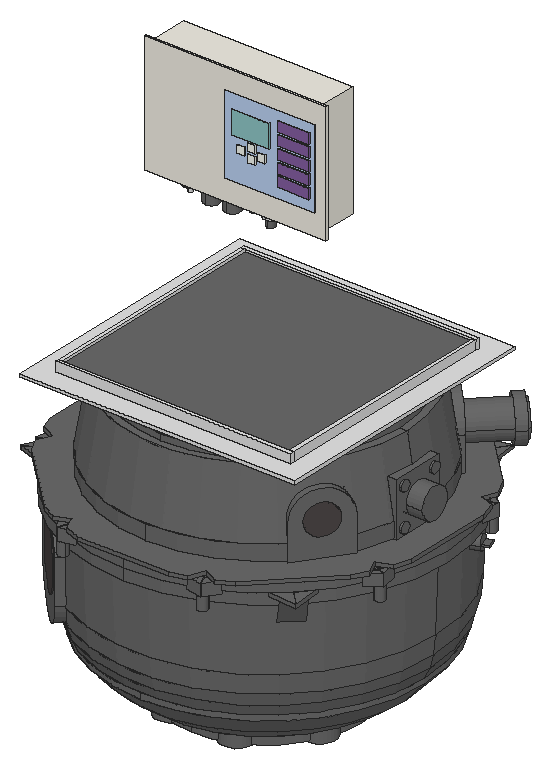
Revit family "280530sc (200)", category Generic Models, Revit 2021 (continued)
Definition of nested family "280530sc (200)_part2_X0Y0"
  Definition of nested family "280530sc (200)_part2_content"
    Forms (mm)
      Extrusion 15, solid, detail levels medium+fine
        sketch origin (0, 0, 451) x (0, 1, 0) y (-1, 0, 0)
          loop
            circle (0, 0) r 214.5
        from 0 to 10
      Extrusion 16, solid, detail levels medium+fine
        sketch origin (-190, -190, 461) x (0, 1, 0) y (0, 0, 1)
          loop
            line (0, 7.5) -> (0, 0) -> (380, 0) -> (380, 7.5) -> (0, 7.5)
        from 0 to 380
      Extrusion 17, solid, detail levels medium+fine
        sketch origin (0, 0, 461) x (0, 1, 0) y (-1, 0, 0)
          loop
            circle (0, 0) r 208.5
        from 0 to 7.5
      Extrusion 18, solid, detail levels medium+fine
        sketch origin (-222, -222, 468.5) x (0, 1, 0) y (0, 0, 1)
          loop
            line (0, 5) -> (0, 0) -> (444, 0) -> (444, 5) -> (0, 5)
        from 0 to 444
      Extrusion 19, solid, detail levels medium+fine
        sketch origin (-184, -184, 473.5) x (0, 1, 0) y (0, 0, 1)
          loop
            line (0, 12) -> (0, 0) -> (368, 0) -> (368, 12) -> (0, 12)
        from 0 to 368
      Extrusion 20, solid, detail levels medium+fine
        sketch origin (0, 60, 320) x (0, -1, 0) y (0, 0, 1)
          loop
            line (0, 50) -> (0, 0) -> (120, 0) -> (120, 50) -> (0, 50)
        from 0 to 245.5
      Extrusion 21, solid, detail levels medium+fine
        sketch origin (0, 0, 370) x (0, -1, 0) y (0, 0, 1)
          loop
            circle (0, 0) r 60
        from 0 to 245.5
      Extrusion 22, solid, detail levels medium+fine
        sketch origin (-244, 0, 370) x (0, -1, 0) y (0, 0, 1)
          loop
            circle (0, 0) r 35.1
        from 0 to 1.75
      Extrusion 23, solid, detail levels medium+fine
        sketch origin (31.82, -31.82, 320) x (-0.707107, 0.707107, 0) y (0, 0, 1)
          loop
            line (0, 55.25) -> (0, 0) -> (90, 0) -> (90, 55.25) -> (0, 55.25)
        from 0 to 245.5
      Extrusion 24, solid, detail levels medium+fine
        sketch origin (0, 0, 375.25) x (-0.707107, 0.707107, 0) y (0, 0, 1)
          loop
            circle (0, 0) r 45
        from 0 to 245.5
      Extrusion 25, solid, detail levels medium+fine
        sketch origin (0, 0, 370) x (-0.707107, 0.707107, 0) y (0, 0, 1)
          loop
            circle (0, 0) r 27.7
        from 0 to 311.36
      Extrusion 26, solid, detail levels medium+fine
        sketch origin (0, 27.5, 332.75) x (0, 1, 0) y (0, 0, 1)
          loop
            circle (0, 0) r 8
        from 0 to 250
      Extrusion 27, solid, detail levels medium+fine
        sketch origin (0, -46.25, 320) x (0, 1, 0) y (0, 0, 1)
          loop
            line (0, 86.5) -> (0, 0) -> (86.5, 0) -> (86.5, 86.5) -> (0, 86.5)
        from 0 to 245.5
      Extrusion 28, solid, detail levels medium+fine
        sketch origin (0, -3, 363.25) x (0, 1, 0) y (0, 0, 1)
          loop
            circle (0, 0) r 24.75
        from 0 to 272.5
      Extrusion 29, solid, detail levels medium+fine
        sketch origin (0, 27.5, 393.75) x (0, 1, 0) y (0, 0, 1)
          loop
            circle (0, 0) r 8
        from 0 to 250
      Extrusion 30, solid, detail levels medium+fine
        sketch origin (0, -33.5, 332.75) x (0, 1, 0) y (0, 0, 1)
          loop
            circle (0, 0) r 8
        from 0 to 250
      Extrusion 31, solid, detail levels medium+fine
        sketch origin (0, -33.5, 393.75) x (0, 1, 0) y (0, 0, 1)
          loop
            circle (0, 0) r 8
        from 0 to 250
      Extrusion 32, solid, detail levels medium+fine
        sketch origin (-25.811, -36.862, 320) x (0.573577, 0.819152, 0) y (0, 0, 1)
          loop
            line (0, 55.25) -> (0, 0) -> (90, 0) -> (90, 55.25)
            arc (90, 55.25) -> (45, 100.25) -> (0, 55.25) r 45
        from 0 to 245.5
      Extrusion 33, solid, detail levels medium+fine
        sketch origin (199.873, -139.953, 375.25) x (0.573577, 0.819152, 0) y (0, 0, 1)
          loop
            circle (0, 0) r 25
        from 0 to 1.75
      Extrusion 34, solid, detail levels medium+fine
        sketch origin (-53.002, 127.957, 0) x (-0.92388, -0.382683, 0) y (0.382683, -0.92388, 0)
          loop
            circle (0, 0) r 25
        from 0 to 28.5
      Extrusion 35, solid, detail levels medium+fine
        sketch origin (-127.957, -53.002, 0) x (0.382683, -0.92388, 0) y (0.92388, 0.382683, 0)
          loop
            circle (0, 0) r 25
        from 0 to 28.5
      Extrusion 36, solid, detail levels medium+fine
        sketch origin (53.002, -127.957, 0) x (0.92388, 0.382683, 0) y (-0.382683, 0.92388, 0)
          loop
            circle (0, 0) r 25
        from 0 to 28.5
      Extrusion 37, solid, detail levels medium+fine
        sketch origin (53.002, 127.957, 0) x (-0.923879, 0.382684, 0) y (-0.382684, -0.923879, 0)
          loop
            circle (0, 0) r 25
        from 0 to 28.5
      Extrusion 38, solid, detail levels medium+fine
        sketch origin (-127.957, 53.002, 0) x (-0.382684, -0.923879, 0) y (0.923879, -0.382684, 0)
          loop
            circle (0, 0) r 25
        from 0 to 28.5
      Extrusion 39, solid, detail levels medium+fine
        sketch origin (-53.002, -127.957, 0) x (0.923879, -0.382684, 0) y (0.382684, 0.923879, 0)
          loop
            circle (0, 0) r 25
        from 0 to 28.5
      Extrusion 40, solid, detail levels medium+fine
        sketch origin (127.957, -53.002, 0) x (0.382684, 0.923879, 0) y (-0.923879, 0.382684, 0)
          loop
            circle (0, 0) r 25
        from 0 to 28.5
      Extrusion 41, solid, detail levels medium+fine
        sketch origin (127.957, 53.002, 0) x (-0.382683, 0.92388, 0) y (-0.92388, -0.382683, 0)
          loop
            circle (0, 0) r 25
        from 0 to 28.5
      Extrusion 42, solid, detail levels medium+fine
        sketch origin (0, 0, 209) x (0, -1, 0) y (0, 0, 1)
          loop
            line (-72.693, 35.337) -> (-68.918, -37.767)
            arc (-68.918, -37.767) -> (-63.198, -56.139) -> (-50.593, -70.678) r 46.983
            line (-50.593, -70.678) -> (-49.193, -71.697)
            arc (-49.193, -71.697) -> (-25.794, -83.147) -> (0, -86.788) r 83.079
            arc (0, -86.788) -> (25.794, -83.147) -> (49.193, -71.697) r 83.079
            line (49.193, -71.697) -> (50.593, -70.678)
            arc (50.593, -70.678) -> (63.198, -56.139) -> (68.918, -37.767) r 46.983
            line (68.918, -37.767) -> (72.693, 35.337)
            arc (72.693, 35.337) -> (71.616, 38.805) -> (69.783, 41.939) r 15.989
            arc (69.783, 41.939) -> (60.032, 51.336) -> (48.652, 58.679) r 69.984
            line (48.652, 58.679) -> (47.252, 59.417)
            arc (47.252, 59.417) -> (24.369, 68.322) -> (0, 71.344) r 99.373
            arc (0, 71.344) -> (-24.369, 68.322) -> (-47.252, 59.417) r 99.373
            line (-47.252, 59.417) -> (-48.652, 58.679)
            arc (-48.652, 58.679) -> (-60.032, 51.336) -> (-69.783, 41.939) r 69.984
            arc (-69.783, 41.939) -> (-71.616, 38.805) -> (-72.693, 35.337) r 15.989
        from 0 to 277.5
      Extrusion 43, solid, detail levels medium+fine
        sketch origin (0, 0, 209) x (0, -1, 0) y (0, 0, 1)
          loop
            circle (0, 0) r 55
        from 0 to 326
      Extrusion 44, solid, detail levels medium+fine
        sketch origin (0, 0, 209) x (0.707107, -0.707107, 0) y (0, 0, 1)
          loop
            line (-72.693, 35.337) -> (-68.918, -37.767)
            arc (-68.918, -37.767) -> (-63.198, -56.139) -> (-50.593, -70.678) r 46.983
            line (-50.593, -70.678) -> (-49.193, -71.697)
            arc (-49.193, -71.697) -> (-25.794, -83.147) -> (0, -86.788) r 83.079
            arc (0, -86.788) -> (25.794, -83.147) -> (49.193, -71.697) r 83.079
            line (49.193, -71.697) -> (50.593, -70.678)
            arc (50.593, -70.678) -> (63.198, -56.139) -> (68.918, -37.767) r 46.983
            line (68.918, -37.767) -> (72.693, 35.337)
            arc (72.693, 35.337) -> (71.616, 38.805) -> (69.783, 41.939) r 15.989
            arc (69.783, 41.939) -> (60.032, 51.336) -> (48.652, 58.679) r 69.984
            line (48.652, 58.679) -> (47.252, 59.417)
            arc (47.252, 59.417) -> (24.369, 68.322) -> (0, 71.344) r 99.373
            arc (0, 71.344) -> (-24.369, 68.322) -> (-47.252, 59.417) r 99.373
            line (-47.252, 59.417) -> (-48.652, 58.679)
            arc (-48.652, 58.679) -> (-60.032, 51.336) -> (-69.783, 41.939) r 69.984
            arc (-69.783, 41.939) -> (-71.616, 38.805) -> (-72.693, 35.337) r 15.989
        from 0 to 277.5
      Extrusion 45, solid, detail levels medium+fine
        sketch origin (0, 0, 209) x (-0.707107, -0.707107, 0) y (0, 0, 1)
          loop
            line (-72.693, 35.337) -> (-68.918, -37.767)
            arc (-68.918, -37.767) -> (-63.198, -56.139) -> (-50.593, -70.678) r 46.983
            line (-50.593, -70.678) -> (-49.193, -71.697)
            arc (-49.193, -71.697) -> (-25.794, -83.147) -> (0, -86.788) r 83.079
            arc (0, -86.788) -> (25.794, -83.147) -> (49.193, -71.697) r 83.079
            line (49.193, -71.697) -> (50.593, -70.678)
            arc (50.593, -70.678) -> (63.198, -56.139) -> (68.918, -37.767) r 46.983
            line (68.918, -37.767) -> (72.693, 35.337)
            arc (72.693, 35.337) -> (71.616, 38.805) -> (69.783, 41.939) r 15.989
            arc (69.783, 41.939) -> (60.032, 51.336) -> (48.652, 58.679) r 69.984
            line (48.652, 58.679) -> (47.252, 59.417)
            arc (47.252, 59.417) -> (24.369, 68.322) -> (0, 71.344) r 99.373
            arc (0, 71.344) -> (-24.369, 68.322) -> (-47.252, 59.417) r 99.373
            line (-47.252, 59.417) -> (-48.652, 58.679)
            arc (-48.652, 58.679) -> (-60.032, 51.336) -> (-69.783, 41.939) r 69.984
            arc (-69.783, 41.939) -> (-71.616, 38.805) -> (-72.693, 35.337) r 15.989
        from 0 to 277.5
      Extrusion 46, solid, detail levels medium+fine
        sketch origin (-195.161, -195.161, 209) x (0.707107, -0.707107, 0) y (0, 0, 1)
          loop
            circle (0, 0) r 50.1
        from 0 to 1.75
      Extrusion 47, solid, detail levels medium+fine
        sketch origin (-195.162, 195.162, 209) x (-0.707107, -0.707107, 0) y (0, 0, 1)
          loop
            circle (0, 0) r 50.1
        from 0 to 1.75
      Extrusion 48, solid, detail levels medium+fine
        sketch origin (3.25, -5.129, 264.5) x (-0.34202, 0.939693, 0) y (0, 0, 1)
          loop
            circle (0, 0) r 11
        from 0 to 288
      Extrusion 49, solid, detail levels medium+fine
        sketch origin (7.75, -12.923, 263) x (-0.34202, 0.939693, 0) y (0, 0, 1)
          loop
            line (0, 3) -> (0, 0) -> (18, 0) -> (18, 3) -> (0, 3)
        from 0 to 298
      Extrusion 50, solid, detail levels medium+fine
        sketch origin (272.082, 112.7, 273) x (-0.382683, 0.92388, 0) y (-0.92388, -0.382683, 0)
          loop
            circle (0, 0) r 7.75
        from 0 to 21.5
      Extrusion 51, solid, detail levels medium+fine
        sketch origin (265.153, 109.83, 314) x (0.92388, 0.382683, 0) y (0.382683, -0.92388, 0)
          loop
            line (17, 0) -> (0, 0) -> (0, -25) -> (17, 0)
        from 0 to 19.5
      Extrusion 52, solid, detail levels medium+fine
        sketch origin (265.153, 109.83, 294.5) x (0.382683, -0.92388, 0) y (0.92388, 0.382683, 0)
          loop
            line (0, 17) -> (0, 0) -> (25, 0) -> (0, 17)
        from 0 to 19.5
      Extrusion 53, solid, detail levels medium+fine
        sketch origin (220.165, 220.165, 370) x (-0.707107, 0.707107, 0) y (0, 0, 1)
          loop
            circle (0, 0) r 34.75
        from 0 to 15.7
      Extrusion 54, solid, detail levels medium+fine
        sketch origin (230.559, 230.559, 370) x (-0.707107, 0.707107, 0) y (0, 0, 1)
          loop
            circle (0, 0) r 27.7
        from 0 to 4.8
      Extrusion 55, solid, detail levels medium+fine
        sketch origin (232.893, 232.893, 370) x (-0.707107, 0.707107, 0) y (0, 0, 1)
          loop
            circle (0, 0) r 20
        from 0 to 1.7
      Extrusion 56, solid, detail levels medium+fine
        sketch origin (225.963, 240.105, 364) x (-0.707107, 0.707107, 0) y (0, 0, 1)
          loop
            circle (0, 0) r 4.2
        from 0 to 1.8
      Extrusion 57, solid, detail levels medium+fine
        sketch origin (240.105, 225.963, 364) x (-0.707107, 0.707107, 0) y (0, 0, 1)
          loop
            circle (0, 0) r 4.2
        from 0 to 1.8
      Extrusion 58, solid, detail levels medium+fine
        sketch origin (240.105, 225.963, 376) x (-0.707107, 0.707107, 0) y (0, 0, 1)
          loop
            circle (0, 0) r 4.2
        from 0 to 1.8
      Extrusion 59, solid, detail levels medium+fine
        sketch origin (225.963, 240.105, 376) x (-0.707107, 0.707107, 0) y (0, 0, 1)
          loop
            circle (0, 0) r 4.2
        from 0 to 1.8
      Extrusion 60, solid, detail levels medium+fine
        sketch origin (-259.107, -87.843, 294.5) x (-0.92388, -0.382683, 0) y (0, 0, -1)
          loop
            line (0, 48.5) -> (0, 0) -> (29.9, 0) -> (0, 48.5)
        from 0 to 36
      Extrusion 61, solid, detail levels medium+fine
        sketch origin (-272.082, -112.7, 273) x (0.382683, -0.92388, 0) y (0.92388, 0.382683, 0)
          loop
            circle (0, 0) r 7.75
        from 0 to 21.5
      Extrusion 62, solid, detail levels medium+fine
        sketch origin (-265.153, -109.83, 300) x (-0.92388, -0.382683, 0) y (-0.382683, 0.92388, 0)
          loop
            line (36.5, 0) -> (0, 0) -> (0, -32) -> (36.5, 0)
        from 0 to 5.5
      Extrusion 63, solid, detail levels medium+fine
        sketch origin (-265.153, -109.83, 314) x (-0.92388, -0.382683, 0) y (-0.382683, 0.92388, 0)
          loop
            line (17, 0) -> (0, 0) -> (0, -25) -> (17, 0)
        from 0 to 14
      Extrusion 64, solid, detail levels medium+fine
        sketch origin (-265.153, -109.83, 294.5) x (-0.382683, 0.92388, 0) y (-0.92388, -0.382683, 0)
          loop
            line (0, 36.5) -> (0, 0) -> (32, 0) -> (0, 36.5)
        from 0 to 5.5
      Extrusion 65, solid, detail levels medium+fine
        sketch origin (-265.153, -109.83, 300) x (-0.382683, 0.92388, 0) y (-0.92388, -0.382683, 0)
          loop
            line (0, 17) -> (0, 0) -> (25, 0) -> (0, 17)
        from 0 to 14
      Extrusion 66, solid, detail levels medium+fine
        sketch origin (-245.331, 121.102, 294.5) x (-0.923879, 0.382684, 0) y (0, 0, -1)
          loop
            line (0, 48.5) -> (0, 0) -> (29.9, 0) -> (0, 48.5)
        from 0 to 36
      Extrusion 67, solid, detail levels medium+fine
        sketch origin (-272.082, 112.7, 273) x (-0.382684, -0.923879, 0) y (0.923879, -0.382684, 0)
          loop
            circle (0, 0) r 7.75
        from 0 to 21.5
      Extrusion 68, solid, detail levels medium+fine
        sketch origin (-265.153, 109.83, 300) x (-0.923879, 0.382684, 0) y (0.382684, 0.923879, 0)
          loop
            line (36.5, 0) -> (0, 0) -> (0, -32) -> (36.5, 0)
        from 0 to 5.5
      Extrusion 69, solid, detail levels medium+fine
        sketch origin (-265.153, 109.83, 314) x (-0.923879, 0.382684, 0) y (0.382684, 0.923879, 0)
          loop
            line (17, 0) -> (0, 0) -> (0, -25) -> (17, 0)
        from 0 to 14
      Extrusion 70, solid, detail levels medium+fine
        sketch origin (-265.153, 109.83, 294.5) x (0.382684, 0.923879, 0) y (-0.923879, 0.382684, 0)
          loop
            line (0, 36.5) -> (0, 0) -> (32, 0) -> (0, 36.5)
        from 0 to 5.5
      Extrusion 71, solid, detail levels medium+fine
        sketch origin (-265.153, 109.83, 300) x (0.382684, 0.923879, 0) y (-0.923879, 0.382684, 0)
          loop
            line (0, 17) -> (0, 0) -> (25, 0) -> (0, 17)
        from 0 to 14
      Extrusion 72, solid, detail levels medium+fine
        sketch origin (-190, 184, 473.5) x (0, 1, 0) y (0, 0, 1)
          loop
            line (0, 15) -> (0, 0) -> (6, 0) -> (6, 15) -> (0, 15)
        from 0 to 380
      Extrusion 73, solid, detail levels medium+fine
        sketch origin (-190, -190, 473.5) x (0, 1, 0) y (0, 0, 1)
          loop
            line (0, 15) -> (0, 0) -> (6, 0) -> (6, 15) -> (0, 15)
        from 0 to 380
      Extrusion 74, solid, detail levels medium+fine
        sketch origin (-190, -184, 473.5) x (0, 1, 0) y (0, 0, 1)
          loop
            line (0, 15) -> (0, 0) -> (368, 0) -> (368, 15) -> (0, 15)
        from 0 to 6
      Extrusion 75, solid, detail levels medium+fine
        sketch origin (184, -184, 473.5) x (0, 1, 0) y (0, 0, 1)
          loop
            line (0, 15) -> (0, 0) -> (368, 0) -> (368, 15) -> (0, 15)
        from 0 to 6
      Extrusion 76, solid, detail levels medium+fine
        sketch origin (180.312, -205.768, 294.5) x (0.707106, -0.707107, 0) y (0, 0, -1)
          loop
            line (0, 48.5) -> (0, 0) -> (29.9, 0) -> (0, 48.5)
        from 0 to 36
      Extrusion 77, solid, detail levels medium+fine
        sketch origin (202.939, -202.939, 300) x (0.707106, -0.707107, 0) y (-0.707107, -0.707106, 0)
          loop
            line (36.5, 0) -> (0, 0) -> (0, -32) -> (36.5, 0)
        from 0 to 5.5
      Extrusion 78, solid, detail levels medium+fine
        sketch origin (202.939, -202.939, 294.5) x (-0.707107, -0.707106, 0) y (0.707106, -0.707107, 0)
          loop
            line (0, 36.5) -> (0, 0) -> (32, 0) -> (0, 36.5)
        from 0 to 5.5
      Extrusion 79, solid, detail levels medium+fine
        sketch origin (171.331, 213.304, 294.5) x (0.573577, 0.819151, 0) y (0, 0, -1)
          loop
            line (0, 48.5) -> (0, 0) -> (29.9, 0) -> (0, 48.5)
        from 0 to 36
      Extrusion 80, solid, detail levels medium+fine
        sketch origin (164.616, 235.097, 294.5) x (0.819151, -0.573577, 0) y (0.573577, 0.819151, 0)
          loop
            line (0, 36.5) -> (0, 0) -> (32, 0) -> (0, 36.5)
        from 0 to 5.5
      Extrusion 81, solid, detail levels medium+fine
        sketch origin (164.616, 235.097, 300) x (0.573577, 0.819151, 0) y (0.819151, -0.573577, 0)
          loop
            line (36.5, 0) -> (0, 0) -> (0, -32) -> (36.5, 0)
        from 0 to 5.5
      Extrusion 82, solid, detail levels medium+fine
        sketch origin (109.83, 265.153, 294.5) x (0.923879, -0.382684, 0) y (0.382684, 0.923879, 0)
          loop
            line (0, 17) -> (0, 0) -> (25, 0) -> (0, 17)
        from 0 to 19.5
      Extrusion 83, solid, detail levels medium+fine
        sketch origin (112.7, 272.082, 273) x (-0.923879, 0.382684, 0) y (-0.382684, -0.923879, 0)
          loop
            circle (0, 0) r 7.75
        from 0 to 21.5
      Extrusion 84, solid, detail levels medium+fine
        sketch origin (109.83, 265.153, 314) x (0.382684, 0.923879, 0) y (0.923879, -0.382684, 0)
          loop
            line (17, 0) -> (0, 0) -> (0, -25) -> (17, 0)
        from 0 to 19.5
      Extrusion 85, solid, detail levels medium+fine
        sketch origin (-112.7, 272.082, 273) x (-0.92388, -0.382683, 0) y (0.382683, -0.92388, 0)
          loop
            circle (0, 0) r 7.75
        from 0 to 21.5
      Extrusion 86, solid, detail levels medium+fine
        sketch origin (-109.83, 265.153, 314) x (-0.382683, 0.92388, 0) y (0.92388, 0.382683, 0)
          loop
            line (17, 0) -> (0, 0) -> (0, -25) -> (17, 0)
        from 0 to 19.5
      Extrusion 87, solid, detail levels medium+fine
        sketch origin (-109.83, 265.153, 294.5) x (0.92388, 0.382683, 0) y (-0.382683, 0.92388, 0)
          loop
            line (0, 17) -> (0, 0) -> (25, 0) -> (0, 17)
        from 0 to 19.5
      Extrusion 88, solid, detail levels medium+fine
        sketch origin (272.082, -112.7, 273) x (0.382684, 0.923879, 0) y (-0.923879, 0.382684, 0)
          loop
            circle (0, 0) r 7.75
        from 0 to 21.5
      Extrusion 89, solid, detail levels medium+fine
        sketch origin (265.153, -109.83, 294.5) x (-0.382684, -0.923879, 0) y (0.923879, -0.382684, 0)
          loop
            line (0, 17) -> (0, 0) -> (25, 0) -> (0, 17)
        from 0 to 19.5
      Extrusion 90, solid, detail levels medium+fine
        sketch origin (265.153, -109.83, 314) x (0.923879, -0.382684, 0) y (-0.382684, -0.923879, 0)
          loop
            line (17, 0) -> (0, 0) -> (0, -25) -> (17, 0)
        from 0 to 19.5
      Extrusion 91, solid, detail levels medium+fine
        sketch origin (112.7, -272.082, 273) x (0.92388, 0.382683, 0) y (-0.382683, 0.92388, 0)
          loop
            circle (0, 0) r 7.75
        from 0 to 21.5
      Extrusion 92, solid, detail levels medium+fine
        sketch origin (109.83, -265.153, 314) x (0.382683, -0.92388, 0) y (-0.92388, -0.382683, 0)
          loop
            line (17, 0) -> (0, 0) -> (0, -25) -> (17, 0)
        from 0 to 19.5
      Extrusion 93, solid, detail levels medium+fine
        sketch origin (109.83, -265.153, 294.5) x (-0.92388, -0.382683, 0) y (0.382683, -0.92388, 0)
          loop
            line (0, 17) -> (0, 0) -> (25, 0) -> (0, 17)
        from 0 to 19.5
      Extrusion 94, solid, detail levels medium+fine
        sketch origin (-112.7, -272.082, 273) x (0.923879, -0.382684, 0) y (0.382684, 0.923879, 0)
          loop
            circle (0, 0) r 7.75
        from 0 to 21.5
      Extrusion 95, solid, detail levels medium+fine
        sketch origin (-109.83, -265.153, 294.5) x (-0.923879, 0.382684, 0) y (-0.382684, -0.923879, 0)
          loop
            line (0, 17) -> (0, 0) -> (25, 0) -> (0, 17)
        from 0 to 19.5
      Extrusion 96, solid, detail levels medium+fine
        sketch origin (-109.83, -265.153, 314) x (-0.382684, -0.923879, 0) y (-0.923879, 0.382684, 0)
          loop
            line (17, 0) -> (0, 0) -> (0, -25) -> (17, 0)
        from 0 to 19.5
      Extrusion 97, solid, detail levels coarse
        sketch origin (-17.478, 0, 0) x (1, 0, 0) y (0, 1, 0)
          loop
            line (-308.522, -291.044) -> (308.522, -291.044) -> (308.522, 291.044) -> (-308.522, 291.044) -> (-308.522, -291.044)
        from 0 to 488.5
    Dimensions and locks
      aligned and locked: level to plane 2
